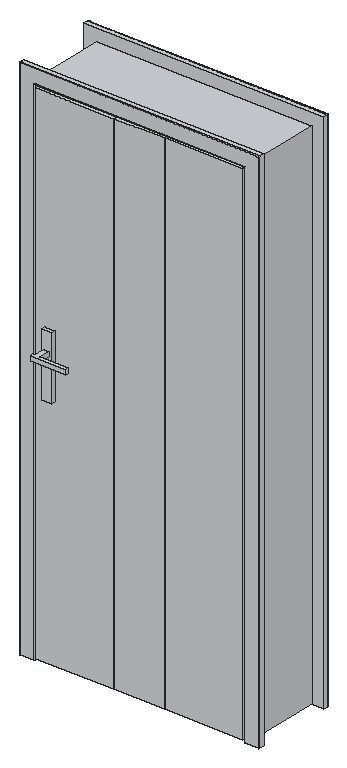
Revit family "NaturaIMPRESSbp_4", category Drzwi, Revit 2016
Family settings
  Obiekt nadrzędny = Ściana
  Zawsze pionowo = Tak
  Tnij formami wycięć po wczytaniu = Nie
  Współdzielony = Nie
  Punkt obliczania pomieszczeń = Nie
Parameters (values of type "PN 80")
  Zakres szerokości muru [instance] = if(and(Szerokość ściany > 94 mm, Szerokość ściany < 120 mm), "B", (if(and(Szerokość ściany > 119 mm, Szerokość ściany < 140 mm), "C", (if(and(Szerokość ściany > 139 mm, Szerokość ściany < 160 mm), "D", (if(and(Szerokość ściany > 159 mm, Szerokość ściany < 180 mm), "E", (if(and(Szerokość ściany > 179 mm, Szerokość ściany < 200 mm), "F", (if(and(Szerokość ściany > 199 mm, Szerokość ściany < 220 mm), "G", (if(and(Szerokość ściany > 219 mm, Szerokość ściany < 240 mm), "H", (if(and(Szerokość ściany > 239 mm, Szerokość ściany < 260 mm), "I", (if(and(Szerokość ściany > 259 mm, Szerokość ściany < 280 mm), "J", (if(and(Szerokość ściany > 279 mm, Szerokość ściany < 301 mm), "K", "BRAK")))))))))))))))))))  # "K"
  Wysokość brutto = 2060 mm
  Szerokość ściany [instance] = 300 mm
  Szerokość brutto = 880 mm
  Model = "Natura IMPRESS 4"
  Materiał_relief = none
  Konstrukcja analityczna = "<Brak>"
  Funkcja = Wewnętrzna
  URL = "www.porta.com.pl"
  Ss = 818 mm
  Sb = 846 mm
  Producent = "PORTA KMI POLAND"  # constant formula
  Keynote = ""
  Opis = "Własność Porta KMI Poland, wszelkie prawa zastrzeżone."  # constant formula
  Wysokość = 2016 mm
  Zakończenie ściany = Wg obiektu nadrzędnego
  Szerokość = 800 mm
  Materiał_skrzydło [instance] = none
  Materiał_ościeżnica [instance] = none
  Materiał_klamka [instance] = none
  Hs = 2017 mm
Types (5, lengths in mm): name | Szerokość brutto | Ss | Sb | Szerokość
  PN 70 | 780 | 718 | 746 | 700
  PN 60 | 680 | 618 | 646 | 600
  PN 80 | 880 | 818 | 846 | 800
  PN 90 | 980 | 918 | 946 | 900
  PN 100 | 1080 | 1018 | 1046 | 1000
Reference planes
  plane 1: y = 0
  plane 2 "Środek (Lewa/Prawa)": x = 0
  plane 3 "Lewy": x = -440
  plane 4 "Prawy": x = 440
  plane 5: z = 2060
  plane 6 "Zewnętrzna": y = 150
  plane 7 "Wewnętrzna": y = -150
  plane 8 "skrzydło": y = -129
  plane 9: x = -409
  plane 10: x = 409
Forms (mm)
  Sweep 1, solid, material <- "Materiał_ościeżnica"
    path in 3D
      loop
        line (-440, -150, 0) -> (-440, -150, 2060) -> (440, -150, 2060) -> (440, -150, 0)
    profile origin (-440, -150, 1030) x (0, -1, 0) y (1, 0, 0)
      loop
        line (-24, 39) -> (-72, 39) -> (-72, 17) -> (0, 17) -> (0, -33) -> (16, -33)
        arc (16, -33) -> (18.121, -32.121) -> (19, -30) r 3
        line (19, -30) -> (19, 24)
        arc (19, 24) -> (18.121, 26.121) -> (16, 27) r 3
        line (16, 27) -> (-24, 27) -> (-24, 39)
  Sweep 2, solid, material <- "Materiał_ościeżnica"
    path in 3D
      loop
        line (440, 150, 0) -> (440, 150, 2060) -> (-440, 150, 2060) -> (-440, 150, 0)
    profile origin (-440, 150, 1030) x (1, 0, 0) y (0, 1, 0)
      loop
        line (-33, 0) -> (17, 0) -> (17, -228) -> (39, -228) -> (39, -1)
        arc (39, -1) -> (37.536, 2.536) -> (34, 4) r 5
        line (34, 4) -> (25, 4) -> (25, 16)
        arc (25, 16) -> (24.121, 18.121) -> (22, 19) r 3
        line (22, 19) -> (-30, 19)
        arc (-30, 19) -> (-32.121, 18.121) -> (-33, 16) r 3
        line (-33, 16) -> (-33, 0)
  Sweep 3, solid, not visible
    path in 3D
      loop
        line (-440, -150, 0) -> (-440, -150, 2060)
    profile origin (-440, -150, 1030) x (0, -1, 0) y (1, 0, 0)
      loop
        line (-151, 17) -> (-149, 17) -> (-149, 19) -> (-151, 19) -> (-151, 17)
Cuts and joins
  joined: Sweep 1, Sweep 2
Lines and regions (mm)
  Opening 1
    outline origin (-3050, -150, 0) x (1, 0, 0) y (0, 0, 1)
      loop
        line (2610, 0) -> (3490, 0) -> (3490, 2060) -> (2610, 2060) -> (2610, 0)
  sketch lines
    curve 1: line (-440, -150, 0) -> (-440, -150, 2060)
    curve 2: line (-440, -150, 2060) -> (440, -150, 2060)
    curve 3: line (440, -150, 2060) -> (440, -150, 0)
    curve 4: line (-440, 150, 2060) -> (-440, 150, 0)
    curve 5: line (440, 150, 2060) -> (-440, 150, 2060)
    curve 6: line (440, 150, 0) -> (440, 150, 2060)
    curve 12: line (-440, -150, 0) -> (-440, -150, 2060)
  symbolic lines, style "DoorsPanelProjection"
    curve 7: line (409, -150, 0) -> (409, -968, 0)
    curve 8: line (409, -968, 0) -> (369, -968, 0)
    curve 9: line (369, -968, 0) -> (369, -150, 0)
    curve 10: line (369, -150, 0) -> (409, -150, 0)
  symbolic lines, style "Ugięcie rzutu"
    curve 11: arc (-409, -150, 0) -> (-169.413, -728.413, 0) -> (409, -968, 0) r 818
Text (mm)
  text "Zewnętrzna" at (-2295.016, 1099.543, 0), in view "Poziom odniesienia"
  text "Zewnętrzna" at (0, 1615.38, 3698.081), in view "Lewy"
  text "Zewnętrzna" at (0, 1036.032, 3874.932), in view "Prawy"
Dimensions and locks
  equal spacing: plane 3 "Lewy", plane 2 "Środek (Lewa/Prawa)", plane 4 "Prawy"
  "Szerokość brutto": plane 3 "Lewy" to plane 4 "Prawy"
  "Wysokość brutto": plane 5 to host wall
  host wall to plane 5 = 2060 mm  (x2)
  locked: plane 6 "Zewnętrzna" to host wall at 0
  locked: plane 7 "Wewnętrzna" to host wall
  "Sb": Sweep 1 to Sweep 1
  locked: Sweep 1 sketch curve to Sweep 1 sketch curve at 22
  Sweep 1 sketch curve to Sweep 1 sketch curve = 50 mm
  locked: Sweep 1 sketch curve to profile plane at 72
  locked: Sweep 2 sketch curve to Sweep 2 sketch curve at 50
  locked: Sweep 2 sketch curve to Sweep 2 sketch curve at 22
  locked: Sweep 2 sketch curve to plane 6 "Zewnętrzna" at 1
  locked: curve 9 to curve 7 at 40
  "Ss": curve 8 to curve 10
  equal spacing: curve 11, plane 2 "Środek (Lewa/Prawa)", curve 7
  locked: plane 7 "Wewnętrzna" to plane 8 "skrzydło" at 21
  locked: host wall to Sweep 3 sketch curve at 1
  locked: Sweep 3 sketch curve to host wall at 1
  locked: Sweep 3 sketch curve to plane 6 "Zewnętrzna" at 151
  locked: plane 7 "Wewnętrzna" to Sweep 3 sketch curve at 151
  nested 1 to plane 2 "Środek (Lewa/Prawa)" to nested 1 = 409 mm, 409 mm
  locked: nested 1 to level at 8
  "Szerokość ściany": host wall to host wall
  equal spacing: plane 9, plane 2 "Środek (Lewa/Prawa)", plane 10
  "Ss": plane 9 to plane 10
  aligned and locked: plane 3 "Lewy" to Opening 1 sketch curve
  aligned and locked: plane 5 to Opening 1 sketch curve  (x2)
  aligned and locked: Opening 1 sketch curve to plane 4 "Prawy"
  aligned and locked: Opening 1 sketch curve to level
  aligned and locked: plane 1 to host wall
  aligned and locked: Sweep 1 to Sweep 2 sketch curve
  aligned and locked: plane 7 "Wewnętrzna" to curve 10
  aligned and locked: Sweep 3 sketch curve to cut or joined group of Sweep 1, Sweep 2
  aligned and locked: Sweep 2 sketch curve to cut or joined group of Sweep 1, Sweep 2
  aligned and locked: nested 1 to plane 8 "skrzydło"
  aligned and locked: nested 1 to plane 9
Automatic sketch dimensions
  profile plane to Sweep 1 sketch curve = 24 mm
  Sweep 1 sketch curve to profile plane = 16 mm  (x2)
  Sweep 1 sketch curve to Sweep 1 sketch curve = 3 mm
  profile plane to Sweep 1 sketch curve = 17 mm
  Sweep 1 sketch curve to Sweep 1 sketch curve = 7 mm
  Sweep 1 sketch curve to profile plane = 0 mm
  Sweep 2 sketch curve to profile plane = 0 mm
  Sweep 2 sketch curve to profile plane = 16 mm
  Sweep 2 sketch curve to Sweep 2 sketch curve = 3 mm
  Sweep 2 sketch curve to Sweep 2 sketch curve = 5 mm
  Sweep 2 sketch curve to profile plane = 4 mm
  Sweep 2 sketch curve to Sweep 2 sketch curve = 8 mm
  curve 11 to host wall = 0 mm
  Sweep 3 sketch curve to Sweep 3 sketch curve = 2 mm
Nested families
  nested 1: "skrzydło" at (0, -135.5, 0), type "skrzydło"
Definition of nested family "skrzydło"
  Parameters
    Ss = 818 mm
    Materiał_skrzydło = none
    Materiał_klamka = none
    Materiał relief = none
    Hs = 2017 mm
  Reference planes
    plane 1 "Tył": y = 6.5
    plane 2: z = 0
    plane 3 "Środek (Lewa/Prawa)": x = 0
    plane 4 "Przód": y = -33.5
    plane 5: z = 2025
    plane 6 "Centrum": y = -13.5
    plane 7: z = 8
    plane 8: x = -409
    plane 9: x = 409
    plane 10: x = -100
    plane 11: x = 100
  Forms (mm)
    Extrusion 1, solid, material <- "Materiał_skrzydło"
      sketch origin (-892.016, -13.5, 1200) x (-1, 0, 0) y (0, 0, 1)
        loop
          line (-1301.016, -1192) -> (-992.016, -1192) -> (-992.016, 825) -> (-1301.016, 825) -> (-1301.016, -1192)
        loop
          line (-483.016, -1192) -> (-483.016, 825) -> (-792.016, 825) -> (-792.016, -1192) -> (-483.016, -1192)
      from 20 to -20
    Extrusion 2, solid, material <- "Materiał relief"
      sketch origin (0, 6.5, 0) x (1, 0, 0) y (0, 0, 1)
        loop
          line (-100, 2025) -> (-100, 8) -> (100, 8) -> (100, 2025) -> (-100, 2025)
      from 0 to 40
  Dimensions and locks
    locked: plane 7 to level at 8
    "Hs": plane 5 to plane 7
    locked: nested 1 to plane 7 at 934
    locked: plane 7 to nested 2 at 934
    equal spacing: plane 4 "Przód", plane 6 "Centrum", plane 1 "Tył"
    "Ss": plane 8 to plane 9
    locked: plane 8 to nested 1 at 55
    locked: plane 8 to nested 2 at 55
    equal spacing: plane 8, plane 3 "Środek (Lewa/Prawa)", plane 9
    plane 11 to plane 3 "Środek (Lewa/Prawa)" to plane 10 = 100 mm locked, 100 mm locked
    aligned and locked: nested 1 to plane 4 "Przód"
    aligned and locked: nested 2 to nested 1
    aligned and locked: Extrusion 1 sketch curve to plane 9
    aligned and locked: Extrusion 1 to plane 4 "Przód"
    aligned and locked: Extrusion 1 to plane 1 "Tył"
    aligned and locked: Extrusion 2 to plane 4 "Przód"
    aligned and locked: Extrusion 2 sketch curve to plane 10
    aligned and locked: Extrusion 2 sketch curve to plane 5
    aligned and locked: plane 8 to Extrusion 1 sketch curve
    aligned and locked: plane 5 to Extrusion 1 sketch curve
    aligned and locked: plane 7 to Extrusion 1 sketch curve
    aligned and locked: plane 10 to Extrusion 1 sketch curve
    aligned and locked: plane 11 to Extrusion 1 sketch curve
    aligned and locked: plane 11 to Extrusion 2 sketch curve
    aligned and locked: Extrusion 2 sketch curve to plane 7
  Automatic sketch dimensions
    Extrusion 1 sketch curve to plane 7 = 0 mm
    Extrusion 1 sketch curve to plane 5 = 0 mm
  Nested families
    nested 1: "KLAMKA" at (-354, -33.5, 1067), Materiał klamki <- "Materiał_klamka", type "KLAMKA"
      with Materiał klamki none
    nested 2: "KLAMKA" at (-354, 6.5, 1067), Materiał klamki <- "Materiał_klamka", type "KLAMKA"
      with Materiał klamki none
  Definition of nested family "KLAMKA"
    Parameters
      Materiał klamki [instance] = none
      Assembly Code = ""
      Default Elevation = 1219.2 mm
    Reference planes
      plane 1 "Center (Front/Back)": y = 0
      plane 2: z = 0
      plane 3 "Center (Left/Right)": x = 0
      plane 4: z = 125
      plane 5: z = -125
      plane 6: x = 20
      plane 7: x = -20
      plane 8: y = -70
      plane 9: y = -60
      plane 10: x = 10
      plane 11: x = -10
      plane 12: x = 120
      plane 13: z = 35
      plane 14: z = 55
      plane 15: y = -15
    Forms (mm)
      Extrusion 1, solid, material <- "Materiał klamki"
        sketch origin (0, 0, 0) x (1, 0, 0) y (0, 0, 1)
          loop
            line (-20, 125) -> (-20, -125) -> (20, -125) -> (20, 125) -> (-20, 125)
        from 0 to 15
      Extrusion 2, solid, material <- "Materiał klamki"
        sketch origin (0, 0, 0) x (1, 0, 0) y (0, 1, 0)
          loop
            line (-10, -15) -> (-10, -60) -> (-20, -60) -> (-20, -70) -> (120, -70) -> (120, -60) -> (10, -60) -> (10, -15) -> (-10, -15)
        from 35 to 55
    Dimensions and locks
      equal spacing: plane 4, plane 2, plane 5
      plane 4 to plane 5 = 250 mm
      equal spacing: plane 7, plane 3 "Center (Left/Right)", plane 6
      plane 7 to plane 6 = 40 mm
      plane 8 to plane 1 "Center (Front/Back)" = 70 mm
      plane 11 to plane 3 "Center (Left/Right)" to plane 10 = 10 mm locked, 10 mm locked
      plane 7 to plane 12 = 140 mm
      plane 15 to plane 1 "Center (Front/Back)" = 15 mm
      aligned and locked: plane 7 to Extrusion 1 sketch curve
      aligned and locked: Extrusion 1 sketch curve to plane 4
      aligned and locked: plane 5 to Extrusion 1 sketch curve
      aligned and locked: Extrusion 1 sketch curve to plane 6
      aligned and locked: plane 15 to Extrusion 1
      aligned and locked: Extrusion 1 to plane 1 "Center (Front/Back)"
      aligned and locked: plane 14 to Extrusion 2
      aligned and locked: Extrusion 2 to plane 13
    Automatic sketch dimensions
      Extrusion 2 sketch curve to plane 7 = 0 mm
      Extrusion 2 sketch curve to plane 9 = 0 mm  (x2)
      Extrusion 2 sketch curve to plane 11 = 0 mm
      Extrusion 2 sketch curve to plane 10 = 0 mm
      Extrusion 2 sketch curve to plane 12 = 0 mm
      Extrusion 2 sketch curve to plane 8 = 0 mm
      Extrusion 2 sketch curve to plane 15 = 0 mm
